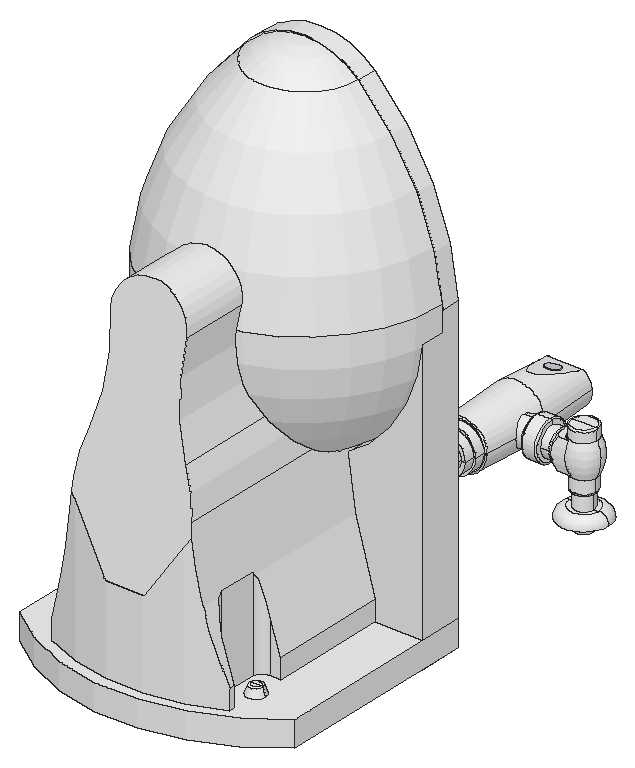
Revit family "11", category Plumbing Fixtures, host Face, Revit 2019
Family settings
  Host = Face
  Round Connector Dimension = Use Radius
  Part Type = Normal
  OmniClass Number = 23.45.05.21.11.11
  OmniClass Title = Water Operated Water Closets
  Cut with Voids When Loaded = No
  Shared = Yes
  Room Calculation Point = No
Parameters (values of type "2257528.020")
  Waste Connection Diameter = 4"
  Waste Connection = yes
  Warranty Information = "5-YEAR LIMITED WARRANTY on FIXTURE and FLUSH VALVE"
  WFU = 5
  Vent Connection = yes
  URL = "http://www.americanstandard-us.com/"
  Type Comments = ""
  Spud Radius = Inlet Spud Size / 2  # 3/4"
  Waste Connection Radius = Waste Connection Diameter / 2  # 2"
  Product Page URL = "https://www.americanstandard-us.com/Sensor-Flush-Valves/Afwall-Millennium-Wall-Hung-Toilet-System-With-Touchless-Selectronic-Piston-Flush-Valve-128-gpf-48-Lpf/WHITE-2257528020"
  Product Documentation Link = "https://americanstandard.box.com/shared/static/465b3j4vpxgo9roywflotkzf80ha2k4j.pdf"
  Power Supply = "Factory-Installed CR-P2 Lithium Battery"
  Operating Pressure = "25 psi (flowing) - 80 psi (static)"
  Material = "Vitreous China-American Standard-020-White"
  Installation Type = "Floor Mounted"
  Inlet Spud Size = 1 1/2"
  IAPMO Compliance = "Meets or Exceeds the Following Specifications: ASME A112.19.2-2008 / CSA B45.1-08 for Vitreous China Fixtures"
  HWFU = 0
  HW Connection = no
  Nominal Width = 14"  # constant formula
  Nominal Length = 26"  # constant formula
  Nominal Height = 13"  # constant formula
  Model = "2257528.020"
  Manufacturer = "American Standard"
  Supply Verticall Offset = 11 1/2"  # constant formula
  Supply Horizontal Offset = 4 3/4"  # constant formula
  Flush Rate = "1.1 gpf to 1.6 gpf (4.2 Lpf to 6.0 Lpf)"
  Flow Rate = "25gpm (94.6 L/min.)"
  Finish = Vitreous China-American Standard-020-White
  EPA WaterSense® Certified = yes
  Description = "Afwall® Millennium® Wall-Hung Toilet System With Touchless Selectronic® Piston Flush Valve, 1.28 gpf/4.8 Lpf"
  Default Elevation = 15"
  Cold Water Connection Width Constraint = if(Cold Water Connection Width > 5 1/4", 5 1/4", if(Cold Water Connection Width < 4 1/4", 4 1/4", Cold Water Connection Width))  # 4 1/4"
  Cold Water Connection Width = 4 1/4"
  Cold Water Connection Radius = Cold Water Connection Diameter / 2  # 1/2"
  Cold Water Connection Diameter = 1"
  CWFU = 5
  CW Connection = yes
  Bowl Shape = "Elongated"
  Assembly Code = "D2010110"
  ADA Compliant = yes
  6065.121 - Ultima™ Selectronic Touchless Toilet Flush Valve = yes
  5905.100 - Extra heavy duty open front less cover = no
  5901.100 - Heavy duty open front less cover = no
Reference planes (in)
  plane 1 "Center (Front/Back)": y = 0
  plane 2: z = 0
  plane 3 "Center (Left/Right)": x = 0
  plane 4: z = 26
  plane 5: z = 2.875
  plane 6: x = -6.98522
  plane 7: x = 7.01478
  plane 8: y = -13.13242
  plane 9: y = 11.5
  plane 10: x = 4.25
  plane 11: y = 1.07834
  plane 12: x = 0
  plane 13: y = -8.79528
  plane 14: y = -15
  plane 15: y = -9.75
  plane 16: y = -9.75
  plane 17: y = -9.75
  plane 18: x = 4.9151
  plane 19: x = 4.87463
  plane 20: x = 4.75
  plane 21: x = 3.5849
  plane 22: x = 3.62537
  plane 23: x = 3.75
  plane 24: x = 4.5
  plane 25: x = -4.5
  plane 26: x = -4.5
  plane 27: x = 4.5
  plane 28: x = -4.55145
  plane 29: x = 4.55145
  plane 30: z = 11.34245
  plane 31: x = -4.5
  plane 32: x = 4.5
  plane 33: y = -11.25
  plane 34: y = -8.25
  plane 35: x = -3.5
  plane 36: x = -5.5
  plane 37: x = 3.5
  plane 38: x = 5.5
Forms (in)
  Extrusion 1, solid, material "Vitreous China-American Standard-020-White" <- "Finish"
    sketch origin (0, 0, 0) x (1, 0, 0) y (0, 0, 1)
      loop
        line (-6.98351, 0) -> (7.01478, 0) -> (7.01478, 15.88238)
        arc (7.01478, 15.88238) -> (5.74451, 20.80905) -> (2.76286, 24.9316) r 13.68985
        arc (2.76286, 24.9316) -> (0, 26.03148) -> (-2.76286, 24.9316) r 4.02005
        arc (-2.76286, 24.9316) -> (-5.65979, 20.98604) -> (-6.98351, 16.27356) r 13.68985
        line (-6.98351, 16.27356) -> (-6.98351, 0)
      loop
        arc (1.20535, 24.10419) -> (0.63902, 24.41892) -> (0, 24.52584) r 1.90682
        arc (0, 24.52584) -> (-0.63902, 24.41892) -> (-1.20535, 24.10419) r 1.90682
        arc (-1.20535, 24.10419) -> (-2.93205, 22.37691) -> (-4.25, 20.32069) r 11.36909
        arc (-4.25, 20.32069) -> (-5.14132, 17.85427) -> (-5.44379, 15.24924) r 11.36909
        arc (-5.44379, 15.24924) -> (-3.84934, 11.3999) -> (0, 9.80545) r 5.44379
        arc (0, 9.80545) -> (3.84934, 11.3999) -> (5.44379, 15.24924) r 5.44379
        arc (5.44379, 15.24924) -> (5.14132, 17.85427) -> (4.25, 20.32069) r 11.36909
        arc (4.25, 20.32069) -> (2.93205, 22.37691) -> (1.20535, 24.10419) r 11.36909
    from 1 to 0
  Extrusion 2, solid, material "Vitreous China-American Standard-020-White" <- "Finish"
    sketch origin (0, -0.125, 0) x (1, 0, 0) y (0, 1, 0)
      loop
        circle (0, -8.67028) r 2
    from -0.25 to 0
  Revolve 3, solid, material "Vitreous China-American Standard-020-White" <- "Finish"
    sketch origin (-24.99864, -1, 0) x (1, 0, 0) y (0, 0, 1)
      loop
        arc (24.99864, 24.52584) -> (25.63766, 24.41892) -> (26.20399, 24.10419) r 1.90682
        arc (26.20399, 24.10419) -> (27.93069, 22.37691) -> (29.24864, 20.32069) r 11.36909
        arc (29.24864, 20.32069) -> (30.13996, 17.85427) -> (30.44243, 15.24924) r 11.36909
        arc (30.44243, 15.24924) -> (28.84798, 11.3999) -> (24.99864, 9.80545) r 5.44379
        line (24.99864, 9.80545) -> (24.99864, 7.51492)
        arc (24.99864, 7.51492) -> (30.25326, 10.39749) -> (31.99765, 16.13137) r 7.94282
        arc (31.99765, 16.13137) -> (30.65545, 20.92579) -> (27.69886, 24.9316) r 13.79629
        arc (27.69886, 24.9316) -> (26.45059, 25.72319) -> (24.99864, 26) r 3.9464
        line (24.99864, 26) -> (24.99864, 24.52584)
      axis (24.99864, 7.51492) -> (24.99864, 26)
    angle from 0 to -180
  Revolve 4, solid, material "Vitreous China-American Standard-020-White" <- "Finish"
    sketch origin (0, 0, 0) x (0, 1, 0) y (0, 0, 1)
      loop
        line (1.07834, 2.875) -> (0, 2.875) -> (0, 1.70414) -> (0.57834, 1.70414) -> (0.57834, 1.875) -> (0.82834, 1.875) -> (0.82834, 2.125) -> (1.07834, 2.125) -> (1.07834, 2.875)
      axis (1.07834, 2.875) -> (0, 2.875)
    angle from 0 to 360
  Extrusion 5, solid
    sketch origin (0, 0, 0) x (1, 0, 0) y (0, 1, 0)
      loop
        circle (4.25, 11.5) r 0.5
    from -0.52896 to 0
  Extrusion 6, solid, material "Vitreous China-American Standard-020-White" <- "Finish"
    sketch origin (0, 0, 0) x (1, 0, 0) y (0, 0, 1)
      loop
        line (-4.55145, 1.32255) -> (4.55145, 1.32255) -> (4.55145, 2.32255)
        arc (4.55145, 2.32255) -> (3.54118, 5.90199) -> (3.0041, 9.58229) r 28.59109
        arc (3.0041, 9.58229) -> (2.82138, 10.77302) -> (2.46868, 11.92489) r 8.32228
        arc (2.46868, 11.92489) -> (1.84575, 14.55003) -> (1.95419, 17.24588) r 9.90691
        arc (1.95419, 17.24588) -> (0, 19.20007) -> (-1.95419, 17.24588) r 1.95419
        arc (-1.95419, 17.24588) -> (-1.84575, 14.55003) -> (-2.46868, 11.92489) r 9.90691
        arc (-2.46868, 11.92489) -> (-2.82138, 10.77302) -> (-3.0041, 9.58229) r 8.32228
        arc (-3.0041, 9.58229) -> (-3.54118, 5.90199) -> (-4.55145, 2.32255) r 28.59109
        line (-4.55145, 2.32255) -> (-4.55145, 1.32255)
    from 1 to 13.13242
  Extrusion 7, void
    sketch origin (0, 0, 0) x (1, 0, 0) y (0, 1, 0)
      loop
        line (-6.11132, -10.48203) -> (-6.11132, -14.1671) -> (5.12847, -14.1671) -> (5.12847, -11.1671)
        arc (5.12847, -11.1671) -> (-0.59751, -12.56497) -> (-6.11132, -10.48203) r 9.96218
    from 0 to 18.98808
  Revolve 8, void
    sketch origin (0.00857, -1, 48) x (1, 0, 0) y (0, 0, 1)
      loop
        arc (-0.00857, -22.71852) -> (-1.21804, -22.95041) -> (-2.25598, -23.6132) r 3.27005
        arc (-2.25598, -23.6132) -> (-4.9942, -27.34261) -> (-6.2454, -31.79691) r 12.93985
        arc (-6.2454, -31.79691) -> (-4.63068, -36.5475) -> (-0.00857, -38.49983) r 6.12858
        line (-0.00857, -38.49983) -> (-0.00857, -22.71852)
      axis (-0.00857, -38.49983) -> (-0.00857, -22.71852)
    angle from 0 to 360
  Extrusion 9, solid, material "Vitreous China-American Standard-020-White" <- "Finish"
    sketch origin (0, 0, 0) x (1, 0, 0) y (0, 0, 1)
      loop
        arc (7.01478, 14.87874) -> (4.84051, 9.92691) -> (0, 7.51492) r 7.94282
        arc (0, 7.51492) -> (-4.71721, 9.80033) -> (-6.98351, 14.52674) r 7.94282
        line (-6.98351, 14.52674) -> (-6.98351, 0) -> (7.01478, 0) -> (7.01478, 14.87874)
    from 1 to 2.2305
  Extrusion 10, void
    sketch origin (0, 0, -0.75) x (1, 0, 0) y (0, 0, 1)
      loop
        line (3.44524, 12.09245) -> (-3.44524, 12.09245) -> (-2.74568, 3.47092)
        arc (-2.74568, 3.47092) -> (0, 0.875) -> (2.74568, 3.47092) r 2.75
        line (2.74568, 3.47092) -> (3.44524, 12.09245)
    from -1.84112 to 0.17343
  Extrusion 11, void
    sketch origin (0, 0, 0) x (0, 1, 0) y (0, 0, 1)
      loop
        line (-13.13242, 1.32255) -> (-10.5367, 20.5) -> (-13.92077, 20.5) -> (-13.92077, 1.32255) -> (-13.13242, 1.32255)
    from -7.90727 to 12
  Revolve 12, solid, material "Vitreous China-American Standard-020-White" <- "Finish"
    sketch origin (-0.13532, -9.75, 0) x (1, 0, 0) y (0, 0, 1)
      loop
        arc (-4.03876, 1.7048) -> (-4.06565, 1.73801) -> (-4.10652, 1.75051) r 0.07308
        line (-4.10652, 1.75051) -> (-4.36468, 1.75051) -> (-4.36468, 1.32255) -> (-3.88432, 1.32255) -> (-4.03876, 1.7048)
      axis (-4.36468, 1.75051) -> (-4.36468, 1.32255)
    angle from 0 to 360
  Extrusion 13, solid, material "Vitreous China-American Standard-020-White" <- "Finish"
    sketch origin (0, 0, 0) x (1, 0, 0) y (0, 1, 0)
      loop
        line (-6.98351, 0) -> (-6.98351, -10.46953)
        arc (-6.98351, -10.46953) -> (0.01804, -13.13242) -> (7.01478, -10.45692) r 10.51118
        line (7.01478, -10.45692) -> (7.01478, 0) -> (-6.98351, 0)
    from 0 to 1.32255
  Revolve 14, solid, material "Vitreous China-American Standard-020-White" <- "Finish"
    sketch origin (0.13532, -9.75, 0) x (-1, 0, 0) y (0, 0, -1)
      loop
        line (-4.03876, -1.7048) -> (-3.88432, -1.32255) -> (-4.36468, -1.32255) -> (-4.36468, -1.75051) -> (-4.10652, -1.75051)
        arc (-4.10652, -1.75051) -> (-4.06565, -1.73801) -> (-4.03876, -1.7048) r 0.07308
      axis (-4.36468, -1.75051) -> (-4.36468, -1.32255)
    angle from 0 to 360
  Extrusion 15, void
    sketch origin (0, 0, 0) x (1, 0, 0) y (0, 1, 0)
      loop
        line (-5.5, -8.25) -> (-5.5, -11.25) -> (-4, -11.25)
        arc (-4, -11.25) -> (-3.64645, -11.10355) -> (-3.5, -10.75) r 0.5
        line (-3.5, -10.75) -> (-3.5, -8.75)
        arc (-3.5, -8.75) -> (-3.64645, -8.39645) -> (-4, -8.25) r 0.5
        line (-4, -8.25) -> (-5.5, -8.25)
      loop
        arc (4, -8.25) -> (3.64645, -8.39645) -> (3.5, -8.75) r 0.5
        line (3.5, -8.75) -> (3.5, -10.75)
        arc (3.5, -10.75) -> (3.64645, -11.10355) -> (4, -11.25) r 0.5
        line (4, -11.25) -> (5.5, -11.25) -> (5.5, -8.25) -> (4, -8.25)
    from 1.27344 to 12
Cuts and joins
  Extrusion 10, Extrusion 15 cuts Extrusion 1
  Extrusion 10, Extrusion 15 cuts Extrusion 9
  joined: Extrusion 1, Extrusion 9, Revolve 12
  Extrusion 10, Extrusion 11, Extrusion 15 cuts Revolve 3
  Extrusion 10 cuts Extrusion 13
  Extrusion 7, Revolve 8, Extrusion 10, Extrusion 11, Extrusion 15 cuts Extrusion 6
Lines and regions (in)
  Masking region 1
    outline origin (0, 0, 0) x (1, 0, 0) y (0, 0, 1)
      loop
        arc (2.76286, 24.9316) -> (0, 26.03148) -> (-2.76286, 24.9316) r 4.02005
        arc (-2.76286, 24.9316) -> (-5.65979, 20.98604) -> (-6.98351, 16.27356) r 13.68985
        line (-6.98351, 16.27356) -> (-6.98351, 0) -> (7.01478, 0) -> (7.01478, 15.88238)
        arc (7.01478, 15.88238) -> (5.74451, 20.80905) -> (2.76286, 24.9316) r 13.68985
  symbolic lines, detail levels medium+fine
    curve 1: arc (3.55357, 0, 3.70698) -> (3.3729, 0, 2.86028) -> (3.59481, 0, 2.02344) r 1.86128
    curve 2: line (4.90758, 0, 2.02344) -> (3.59481, 0, 2.02344)
    curve 3: line (2.58101, 0, 3.81465) -> (2.58101, 0, 1.93535)
    curve 4: line (1.83101, 0, 1.93812) -> (1.83101, 0, 3.81188)
    curve 5: line (1.68535, 0, 2.14963) -> (1.68535, 0, 3.60037)
    curve 6: circle (0, 0, 2.875) r 1.4375 normal (0, -1, 0)
    curve 7: circle (0, 0, 2.875) r 1.23794 normal (0, 1, 0)
    curve 9: line (-1.34774, 0, 3.375) -> (-1.40967, 0, 3.375)
    curve 10: line (-1.40967, 0, 3.375) -> (-1.40967, 0, 3.43053)
    curve 11: line (-1.81838, 0, 3.41139) -> (-1.43336, 0, 3.45185)
    curve 12: line (-1.92645, 0, 3.29136) -> (-1.92645, 0, 2.45864)
    curve 13: arc (-1.40967, 0, 3.43053) -> (-1.41677, 0, 3.44646) -> (-1.43336, 0, 3.45185) r 0.02144
    curve 14: arc (-1.92645, 0, 3.29136) -> (-1.89545, 0, 3.37211) -> (-1.81838, 0, 3.41139) r 0.12069
    curve 15: line (-1.34774, 0, 2.375) -> (-1.40967, 0, 2.375)
    curve 16: line (-1.40967, 0, 2.375) -> (-1.40967, 0, 2.31947)
    curve 17: line (-1.81838, 0, 2.33861) -> (-1.43336, 0, 2.29815)
    curve 18: arc (-1.40967, 0, 2.31947) -> (-1.41677, 0, 2.30354) -> (-1.43336, 0, 2.29815) r 0.02144
    curve 19: arc (-1.92645, 0, 2.45864) -> (-1.89545, 0, 2.37789) -> (-1.81838, 0, 2.33861) r 0.12069
    curve 20: line (3.53243, 0, 3.66104) -> (3.1938, 0, 3.66104)
    curve 21: line (3.19168, 0, 2.09084) -> (3.56026, 0, 2.09084)
    curve 22: arc (3.1938, 0, 3.66104) -> (3.1098, 0, 3.61073) -> (3.0131, 0, 3.59527) r 0.25853
    curve 23: line (3.0131, 0, 3.59527) -> (2.58101, 0, 3.59527)
    curve 24: arc (3.19168, 0, 2.09084) -> (3.10846, 0, 2.13975) -> (3.0131, 0, 2.15473) r 0.25853
    curve 25: line (3.0131, 0, 2.15473) -> (2.58101, 0, 2.15473)
    curve 26: line (1.89474, 0, 3.87561) -> (2.52005, 0, 3.87561)
    curve 27: line (1.83101, 0, 3.53927) -> (1.68535, 0, 3.53927)
    curve 28: line (1.22648, 0, 3.62477) -> (1.66095, 0, 3.62477)
    curve 29: arc (2.52005, 0, 3.87561) -> (2.56315, 0, 3.85776) -> (2.58101, 0, 3.81465) r 0.06096
    curve 30: arc (1.83101, 0, 3.81188) -> (1.84967, 0, 3.85695) -> (1.89474, 0, 3.87561) r 0.06373
    curve 31: arc (1.68535, 0, 3.60037) -> (1.6782, 0, 3.61762) -> (1.66095, 0, 3.62477) r 0.0244
    curve 33: line (1.89474, 0, 1.87439) -> (2.52005, 0, 1.87439)
    curve 34: line (1.83101, 0, 2.21073) -> (1.7896, 0, 2.21073)
    curve 35: line (1.22648, 0, 2.12523) -> (1.66095, 0, 2.12523)
    curve 36: arc (2.52005, 0, 1.87439) -> (2.56315, 0, 1.89224) -> (2.58101, 0, 1.93535) r 0.06096
    curve 37: arc (1.83101, 0, 1.93812) -> (1.84967, 0, 1.89305) -> (1.89474, 0, 1.87439) r 0.06373
    curve 38: arc (1.68535, 0, 2.14963) -> (1.6782, 0, 2.13238) -> (1.66095, 0, 2.12523) r 0.0244
    curve 39: line (3.5849, 0, 3.70698) -> (3.5849, 0, 4.21171)
    curve 40: line (4.85263, 0, 4.27338) -> (3.64657, 0, 4.27338)
    curve 41: line (4.9151, 0, 3.70698) -> (4.9151, 0, 4.21091)
    curve 42: arc (4.9151, 0, 4.21091) -> (4.8968, 0, 4.25509) -> (4.85263, 0, 4.27338) r 0.06247
    curve 43: arc (3.64657, 0, 4.27338) -> (3.60296, 0, 4.25532) -> (3.5849, 0, 4.21171) r 0.06167
    curve 44: line (4.87463, 0, 1.27344) -> (3.62537, 0, 1.27344)
    curve 45: arc (4.94682, 0, 3.70698) -> (5.12528, 0, 2.86059) -> (4.90758, 0, 2.02344) r 1.88816
    curve 46: line (4.87463, 0, 2.02344) -> (4.87463, 0, 1.27344)
    curve 47: line (3.62537, 0, 2.02344) -> (3.62537, 0, 1.27344)
    curve 48: line (4.75, 0, 1.27344) -> (4.75, 0, 0.5)
    curve 49: line (3.75, 0, 1.27344) -> (3.75, 0, 0.5)
    curve 50: line (3.5, 0, 0.5) -> (5, 0, 0.5)
    curve 51: arc (5.5, 0, 0) -> (5.35355, 0, 0.35355) -> (5, 0, 0.5) r 0.5
    curve 52: arc (3, 0, 0) -> (3.14645, 0, 0.35355) -> (3.5, 0, 0.5) r 0.5
    curve 53: line (3.55357, 0, 3.70698) -> (4.94682, 0, 3.70698)
    curve 57: line (1.7896, 0, 2.21073) -> (1.68535, 0, 2.21073)
  symbolic lines, detail levels fine
    curve 8: arc (-0.8993, 0, 3.72573) -> (0, 0, 4.27344) -> (0.8993, 0, 3.72573) r 1.01216
    curve 32: circle (0, 0, 2.875) r 1.23794 normal (0, -1, 0)
    curve 54: line (-3.41848, 0, 11.01263) -> (-2.74568, 0, 2.72092)
    curve 55: arc (-2.74568, 0, 2.72092) -> (0, 0, 0.125) -> (2.74568, 0, 2.72092) r 2.75
    curve 56: line (2.74568, 0, 2.72092) -> (3.41848, 0, 11.01263)
  symbolic lines
    curve 58: arc (0, 0, 24.52584) -> (0.63902, 0, 24.41892) -> (1.20535, 0, 24.10419) r 1.90682
    curve 59: arc (-1.20535, 0, 24.10419) -> (-0.63902, 0, 24.41892) -> (0, 0, 24.52584) r 1.90682
    curve 60: arc (-4.25, 0, 20.32069) -> (-2.93205, 0, 22.37691) -> (-1.20535, 0, 24.10419) r 11.36909
    curve 61: arc (-5.44379, 0, 15.24924) -> (-5.14132, 0, 17.85427) -> (-4.25, 0, 20.32069) r 11.36909
    curve 62: arc (0, 0, 9.80545) -> (-3.84934, 0, 11.3999) -> (-5.44379, 0, 15.24924) r 5.44379
    curve 63: arc (5.44379, 0, 15.24924) -> (3.84934, 0, 11.3999) -> (0, 0, 9.80545) r 5.44379
    curve 64: arc (1.20535, 0, 24.10419) -> (2.93205, 0, 22.37691) -> (4.25, 0, 20.32069) r 11.36909
    curve 65: arc (4.25, 0, 20.32069) -> (5.14132, 0, 17.85427) -> (5.44379, 0, 15.24924) r 11.36909
Dimensions and locks (in)
  "Nominal Length": plane 4 to plane 2
  locked: plane 5 to plane 2 at 2.875
  plane 8 to plane 1 "Center (Front/Back)" = 13.13242"
  "Nominal Width": plane 7 to plane 6
  "Cold Water Connection Width Constraint": plane 3 "Center (Left/Right)" to plane 10
  Extrusion 2 to Extrusion 2 = 1/4"
  "Spud Radius": Revolve 4 sketch curve to plane 5
  plane 2 to Extrusion 2 = 1/4"
  locked: plane 13 to Extrusion 2 sketch curve at 0
  locked: plane 13 to plane 1 "Center (Front/Back)" at 8.79528
  locked: Extrusion 2 sketch curve to plane 3 "Center (Left/Right)" at 0
  plane 14 to plane 17 = 5 1/4"
  plane 6 to plane 7 = 14"
  plane 1 "Center (Front/Back)" to plane 9 = 11 1/2"
  locked: plane 10 to curve 22 at 1.22863
  plane 10 to curve 24 = 1.22863"
  curve 51 to plane 10 to curve 52 = 3/4" locked, 3/4" locked
  plane 20 to plane 10 to plane 23 = 1/2" locked, 1/2" locked
  plane 19 to plane 10 to plane 22 = 0.62463" locked, 0.62463" locked
  plane 18 to plane 10 to plane 21 = 0.6651" locked, 0.6651" locked
  curve 42 to plane 10 to curve 43 = 0.60263" locked, 0.60343" locked
  plane 3 "Center (Left/Right)" to plane 25 = 4 1/2"
  Extrusion 6 sketch curve to plane 3 "Center (Left/Right)" to Extrusion 6 sketch curve = 5.29168" locked, 5.29168" locked
  Extrusion 6 sketch curve to plane 3 "Center (Left/Right)" to Extrusion 6 sketch curve = 11.70667" locked, 11.70667" locked
  Extrusion 6 sketch curve to plane 3 "Center (Left/Right)" to Extrusion 6 sketch curve = 31.50415" locked, 31.50415" locked
  plane 28 to plane 3 "Center (Left/Right)" to plane 29 = 4.55145" locked, 4.55145" locked
  locked: plane 30 to plane 5 at 8.46745
  "Waste Connection Radius": radius of Extrusion 2 sketch curve
  locked: Extrusion 10 sketch curve to plane 5 (angle 85.3611°)
  locked: plane 5 to Extrusion 10 sketch curve (angle 85.3611°)
  aligned and locked: plane 2 to host face
  aligned and locked: level to host face
  aligned and locked: plane 11 to Revolve 4 sketch curve
  aligned and locked: plane 1 "Center (Front/Back)" to Revolve 4 sketch curve
  aligned and locked: Revolve 4 sketch curve to plane 5
  aligned and locked: level to Extrusion 2
  aligned and locked: Extrusion 1 to plane 1 "Center (Front/Back)"
  aligned and locked: plane 3 "Center (Left/Right)" to nested 1
  aligned and locked: plane 10 to Extrusion 5 sketch curve
  aligned and locked: plane 9 to Extrusion 5 sketch curve
  aligned and locked: curve 1 to nested 1
  aligned and locked: curve 2 to nested 1
  aligned and locked: nested 1 to curve 3
  aligned and locked: nested 1 to curve 4
  aligned and locked: nested 1 to curve 5
  aligned and locked: curve 6 to nested 1
  aligned and locked: curve 8 to nested 1
  aligned and locked: nested 1 to curve 12
  aligned and locked: nested 1 to curve 20
  aligned and locked: curve 21 to nested 1
  aligned and locked: nested 1 to curve 44
  aligned and locked: plane 18 to curve 41
  aligned and locked: curve 39 to plane 21
  aligned and locked: Masking region 1 sketch curve to cut or joined group of Extrusion 1, Extrusion 9, Extrusion 10, Revolve 12, Extrusion 15  (x4)
  aligned and locked: host face to Masking region 1 sketch curve
  aligned and locked: curve 55 to cut or joined group of Extrusion 1, Extrusion 9, Extrusion 10, Revolve 12, Extrusion 15
  aligned and locked: Extrusion 13 sketch curve to cut or joined group of Extrusion 1, Extrusion 9, Extrusion 10, Revolve 12, Extrusion 15
  aligned and locked: Revolve 12 sketch curve to plane 25  (x2)
  aligned and locked: Revolve 14 sketch curve to plane 27  (x2)
  aligned and locked: Extrusion 6 sketch curve to plane 28
  aligned and locked: plane 29 to Extrusion 6 sketch curve
  aligned and locked: plane 3 "Center (Left/Right)" to Extrusion 6 sketch curve
  aligned and locked: cut or joined group of Extrusion 1, Extrusion 9, Extrusion 10, Revolve 12, Extrusion 15 to cut or joined group of Extrusion 1, Extrusion 9, Extrusion 10, Revolve 12, Extrusion 15
  aligned and locked: plane 5 to Extrusion 10 sketch curve
  aligned and locked: plane 3 "Center (Left/Right)" to Extrusion 10 sketch curve
  aligned and locked: plane 30 to Extrusion 10 sketch curve
  aligned and locked: curve 54 to cut or joined group of Extrusion 1, Extrusion 9, Extrusion 10, Revolve 12, Extrusion 15
  aligned and locked: curve 56 to cut or joined group of Extrusion 1, Extrusion 9, Extrusion 10, Revolve 12, Extrusion 15
  aligned and locked: curve 58 to cut or joined group of Extrusion 1, Extrusion 9, Extrusion 10, Revolve 12, Extrusion 15
  aligned and locked: curve 59 to cut or joined group of Extrusion 1, Extrusion 9, Extrusion 10, Revolve 12, Extrusion 15
  aligned and locked: curve 60 to cut or joined group of Extrusion 1, Extrusion 9, Extrusion 10, Revolve 12, Extrusion 15
  aligned and locked: curve 61 to cut or joined group of Extrusion 1, Extrusion 9, Extrusion 10, Revolve 12, Extrusion 15
  aligned and locked: curve 62 to cut or joined group of Extrusion 1, Extrusion 9, Extrusion 10, Revolve 12, Extrusion 15
  aligned and locked: curve 63 to cut or joined group of Extrusion 1, Extrusion 9, Extrusion 10, Revolve 12, Extrusion 15
  aligned and locked: curve 64 to cut or joined group of Extrusion 1, Extrusion 9, Extrusion 10, Revolve 12, Extrusion 15
  aligned and locked: curve 65 to cut or joined group of Extrusion 1, Extrusion 9, Extrusion 10, Revolve 12, Extrusion 15
  aligned and locked: plane 34 to Extrusion 15 sketch curve  (x2)
  aligned and locked: Extrusion 15 sketch curve to plane 33  (x2)
  aligned and locked: plane 37 to Extrusion 15 sketch curve
  aligned and locked: Extrusion 15 sketch curve to plane 35
  aligned and locked: plane 36 to Extrusion 15 sketch curve
  aligned and locked: Extrusion 15 sketch curve to plane 38
  aligned and locked: Extrusion 6 to cut or joined group of Extrusion 1, Extrusion 9, Extrusion 10, Revolve 12, Extrusion 15
Automatic sketch dimensions
  host sketch curve to host sketch curve = 96"  (x2)
  Extrusion 1 sketch curve to level = 0"
  Extrusion 1 sketch curve to plane 3 "Center (Left/Right)" = 0"  (x3)
  Extrusion 1 sketch curve to plane 7 = 0"
  plane 6 to Extrusion 1 sketch curve = 0.33944"
  plane 6 to Extrusion 1 sketch curve = 0.0017"
  Extrusion 1 sketch curve to plane 7 = 0.36901"
  Extrusion 1 sketch curve to plane 4 = 11.01272"  (x2)
  Extrusion 1 sketch curve to Extrusion 1 sketch curve = 0.8951"
  Extrusion 1 sketch curve to Extrusion 1 sketch curve = 1.28628"
  Extrusion 1 sketch curve to plane 4 = 3.98857"
  Extrusion 1 sketch curve to Extrusion 1 sketch curve = 0"  (x12)
  Revolve 3 sketch curve to Revolve 3 sketch curve = 0"  (x4)
  Revolve 3 sketch curve to plane 3 "Center (Left/Right)" = 0"  (x3)
  Revolve 3 sketch curve to plane 10 = 0"
  Revolve 3 sketch curve to plane 4 = 0"
  Revolve 3 sketch curve to plane 3 "Center (Left/Right)" = 0.91056"
  plane 6 to Revolve 3 sketch curve = 1.05992"
  plane 6 to Revolve 3 sketch curve = 0.24569"
  plane 3 "Center (Left/Right)" to Revolve 3 sketch curve = 0.0094"
  Revolve 3 sketch curve to plane 4 = 1.47416"
  Revolve 3 sketch curve to Revolve 3 sketch curve = 1.9068"
  Revolve 3 sketch curve to Revolve 3 sketch curve = 0.56544"
  Revolve 3 sketch curve to Revolve 3 sketch curve = 6.64823"
  Revolve 3 sketch curve to Revolve 3 sketch curve = 0.15613"
  Revolve 3 sketch curve to Revolve 3 sketch curve = 97/256"
  Revolve 3 sketch curve to Revolve 3 sketch curve = 5.44379"
  Revolve 3 sketch curve to Revolve 3 sketch curve = 2.29053"
  Revolve 3 sketch curve to Revolve 3 sketch curve = 5"
  Revolve 3 sketch curve to Revolve 3 sketch curve = 12"
  plane 5 to Revolve 4 sketch curve = 0"
  plane 11 to Revolve 4 sketch curve = 1/2"
  plane 11 to Revolve 4 sketch curve = 1/4"
  Revolve 4 sketch curve to Revolve 4 sketch curve = 1/4"
  Revolve 4 sketch curve to Revolve 4 sketch curve = 0.17086"
  plane 1 "Center (Front/Back)" to Revolve 4 sketch curve = 0.42166"
  Revolve 4 sketch curve to plane 11 = 3/4"
  plane 6 to Extrusion 7 sketch curve = 0.87389"
  plane 3 "Center (Left/Right)" to Extrusion 7 sketch curve = 0.00857"
  Extrusion 7 sketch curve to plane 18 = 0.21337"
  Extrusion 7 sketch curve to plane 14 = 0.8329"
  plane 15 to Extrusion 7 sketch curve = 1.4171"
  plane 1 "Center (Front/Back)" to Extrusion 7 sketch curve = 2.62124"
  Extrusion 9 sketch curve to level = 0"
  Extrusion 9 sketch curve to plane 3 "Center (Left/Right)" = 0"
  Extrusion 9 sketch curve to plane 7 = 0"
  Extrusion 9 sketch curve to plane 3 "Center (Left/Right)" = 0.91056"
  plane 6 to Extrusion 9 sketch curve = 0.0017"
  plane 3 "Center (Left/Right)" to Extrusion 9 sketch curve = 0.91056"
  Extrusion 9 sketch curve to plane 4 = 11.47326"
  Extrusion 9 sketch curve to plane 4 = 11.12126"
  Extrusion 9 sketch curve to Extrusion 9 sketch curve = 0.87863"
  Extrusion 11 sketch curve to plane 8 = 0"
  plane 8 to Extrusion 11 sketch curve = 0.78835"
  plane 15 to Extrusion 11 sketch curve = 0.7867"
  level to Extrusion 11 sketch curve = 1.32255"
  Extrusion 11 sketch curve to plane 4 = 5 1/2"
  plane 25 to Revolve 12 sketch curve = 0.25816"
  Revolve 12 sketch curve to Revolve 12 sketch curve = 0.06776"
  Revolve 12 sketch curve to Revolve 12 sketch curve = 0.15444"
  level to Revolve 12 sketch curve = 1.32255"
  Revolve 12 sketch curve to Revolve 12 sketch curve = 0.35488"
  Revolve 12 sketch curve to Revolve 12 sketch curve = 0.02738"
  Revolve 12 sketch curve to Revolve 12 sketch curve = 0.1644"
  Revolve 12 sketch curve to Revolve 12 sketch curve = 13/128"
  plane 6 to Masking region 1 sketch curve = 0.33944"
  Masking region 1 sketch curve to Masking region 1 sketch curve = 1.28628"
  Masking region 1 sketch curve to Masking region 1 sketch curve = 0.8951"
  Extrusion 13 sketch curve to plane 7 = 0"
  plane 3 "Center (Left/Right)" to Extrusion 13 sketch curve = 0.00857"
  plane 6 to Extrusion 13 sketch curve = 0.0017"
  plane 1 "Center (Front/Back)" to Extrusion 13 sketch curve = 2.62124"
  plane 15 to Extrusion 13 sketch curve = 0.70692"
  plane 27 to Revolve 14 sketch curve = 0.25816"
  Revolve 14 sketch curve to Revolve 14 sketch curve = 0.06776"
  Revolve 14 sketch curve to Revolve 14 sketch curve = 0.15444"
  plane 5 to Revolve 14 sketch curve = 1.12449"
  Revolve 14 sketch curve to Revolve 14 sketch curve = 0.0457"
  Revolve 14 sketch curve to Revolve 14 sketch curve = 0.42796"
  Revolve 14 sketch curve to Revolve 14 sketch curve = 13/128"
  Revolve 14 sketch curve to Revolve 14 sketch curve = 0.1644"
  Extrusion 6 sketch curve to plane 5 = 8.98707"  (x2)
  Extrusion 6 sketch curve to plane 5 = 6.0437"  (x2)
  plane 5 to Extrusion 6 sketch curve = 0.55245"  (x2)
  Extrusion 6 sketch curve to Extrusion 6 sketch curve = 1"
  Extrusion 6 sketch curve to Extrusion 6 sketch curve = 6.58479"  (x2)
  Extrusion 6 sketch curve to Extrusion 6 sketch curve = 7.66359"
  Extrusion 6 sketch curve to Extrusion 6 sketch curve = 0"  (x3)
  Revolve 8 sketch curve to plane 3 "Center (Left/Right)" = 0"  (x2)
  Revolve 8 sketch curve to plane 3 "Center (Left/Right)" = 0.13537"
  Revolve 8 sketch curve to plane 7 = 0.36901"
  Revolve 8 sketch curve to Revolve 8 sketch curve = 0.63998"
  Revolve 8 sketch curve to plane 4 = 1.6132"
  Revolve 8 sketch curve to Revolve 8 sketch curve = 0"  (x2)
  plane 6 to Revolve 8 sketch curve = 0.74839"
  Revolve 8 sketch curve to plane 4 = 3/4"
  Revolve 8 sketch curve to Revolve 8 sketch curve = 0.03148"
  Revolve 8 sketch curve to plane 4 = 0.31679"
  Extrusion 1 sketch curve to plane 10 = 0"
  Extrusion 1 sketch curve to Extrusion 1 sketch curve = 0.4815"
  Extrusion 1 sketch curve to Extrusion 1 sketch curve = 0.72048"  (x2)
  Extrusion 1 sketch curve to plane 3 "Center (Left/Right)" = 0.0094"
  plane 3 "Center (Left/Right)" to Extrusion 1 sketch curve = 0.0094"
  Extrusion 1 sketch curve to Extrusion 1 sketch curve = 0.26196"
  Extrusion 1 sketch curve to Extrusion 1 sketch curve = 0.60761"
  plane 6 to Extrusion 1 sketch curve = 2.73522"
  plane 5 to Extrusion 10 sketch curve = 0.15408"  (x2)
  Extrusion 10 sketch curve to plane 3 "Center (Left/Right)" = 2.74568"
  curve 6 to curve 7 = 0"  (x2)
  curve 6 to curve 32 = 0"  (x2)
  curve 52 to level = 0"
  plane 22 to curve 47 = 0"
  plane 23 to curve 49 = 0"
  curve 64 to plane 10 = 0"
  curve 48 to plane 20 = 0"
  curve 44 to plane 19 = 0"
  curve 51 to level = 0"
  plane 5 to curve 17 = 0.53639"
  curve 12 to curve 17 = 0.10807"
  curve 11 to plane 5 = 0.53639"
  curve 12 to curve 11 = 0.10807"
  curve 17 to curve 19 = 0.01262"
  curve 14 to curve 14 = 0.01262"
  curve 11 to plane 5 = 0.57685"
  curve 14 to curve 11 = 0.38503"
  plane 5 to curve 17 = 0.57685"
  curve 17 to curve 17 = 0.38503"
  curve 18 to curve 18 = 0.00224"
  curve 11 to curve 13 = 0.00224"
  curve 13 to curve 10 = 0.02144"
  curve 18 to curve 15 = 0.02144"
  curve 38 to curve 5 = 0.0244"
  curve 31 to curve 5 = 0.0244"
  curve 57 to curve 57 = 0.10425"
  curve 4 to curve 33 = 0.06373"
  curve 4 to curve 26 = 0.06373"
  curve 36 to curve 3 = 0.06096"
  curve 26 to curve 3 = 0.06096"
  curve 25 to curve 24 = 0.00827"
  curve 23 to curve 22 = 0.00827"
  curve 24 to curve 21 = 0.17858"
  curve 22 to curve 20 = 0.1807"
  curve 45 to plane 5 = 0.02959"
  curve 45 to plane 21 = 0.34726"
  curve 53 to plane 21 = 0.03133"
  plane 18 to curve 2 = 0.00752"
  level to curve 50 = 1/2"
  curve 33 to curve 56 = 0.84653"
  curve 24 to curve 24 = 0.1945"
  plane 5 to curve 35 = 0.74977"
  curve 5 to curve 57 = 0.0611"
  curve 16 to curve 15 = 0.05553"
  curve 10 to curve 10 = 0.05553"
  curve 23 to curve 53 = 0.11171"
  curve 31 to plane 5 = 0.72537"
  curve 22 to curve 20 = 0.06577"
  curve 23 to curve 4 = 0.21661"
  curve 41 to curve 41 = 0.50393"
  plane 6 to curve 61 = 2.73522"
  curve 9 to curve 8 = 0.44844"
  curve 27 to curve 4 = 0.27261"
  plane 31 to Extrusion 15 sketch curve = 1/2"  (x2)
  Extrusion 15 sketch curve to plane 10 = 1/4"  (x2)
  radius of Extrusion 5 sketch curve = 1/2"
  radius of curve 32 = 1.23794"
Nested families (in)
  nested 1: "Flush_Valve-American_Standard-Selectronic-6065.1XX_Series" at (0, 0, 2.875) x (1, 0, 0) z (0, 1, 0), Cold Water Connection Width <- "Cold Water Connection Width", visible <- "6065.121 - Ultima™ Selectronic Touchless Toilet Flush Valve", type "6065.111.002"
    with Cold Water Connection Width Constraint 4 1/4", Cold Water Connection Width 4 1/4"
Connectors (in)
  piping at (0, -8.79528, 0), diameter 4, driven by "Waste Connection Radius", driven by "WFU"
    settings: on Extrusion 2, index 3, connector inside diameter 4", connector length 0", flow factor 0, pipe flow 0 GPM, pressure drop 0.00 psi, fitting loss kfactor 0, connector angle 0.00°, fixture units 5, engagement length 0", angle of deflection 0.00°, flow configuration 3, flow direction 2, fitting loss method 0, system type 16, joint type 0, gender type 0, connector reference index -1, connector utility 0, adjustable connector no, is connector primary yes, connector description "Waste Connection"
  piping at (4.25, 11.5, -0.52896), diameter 1
    settings: on Extrusion 5, index 4, connector inside diameter 1", connector length 0", flow factor 0, pipe flow 0 GPM, pressure drop 0.00 psi, fitting loss kfactor 0, connector angle 0.00°, fixture units 0, engagement length 0", angle of deflection 0.00°, flow configuration 0, flow direction 0, fitting loss method 0, system type 20, joint type 0, gender type 0, connector reference index -1, connector utility 0, adjustable connector no, is connector primary no, connector description ""
Definition of nested family "Flush_Valve-American_Standard-Selectronic-6065.1XX_Series"
  Parameters (values of type "6065.161.002")
    Width = 2 7/8"  # constant formula
    Waste Connection = no
    Warranty Information = "8-year CR-P2 lithium battery installed in valve"  # constant formula
    WFU = 5  # constant formula
    Vent Connection = no
    URL = "http://www.americanstandard-us.com/"
    Revised Date = "04/25/2022"  # constant formula
    Product Page URL = "https://www.americanstandard-us.com/Sensor-Flush-Valves/Ultima-Selectronic-Touchless-Toilet-Flush-Valve-Piston-Type-Battery-16-gpf-60-Lpf/CHROME-6065161002"
    Product Documentation Link = "https://americanstandard.box.com/shared/static/9eco60ivt28qvdoxsxepwvldnv3rz6v4.pdf"
    Price = "Prices may vary. Please consult Manufacturer Representative for most up-to-date price list."  # constant formula
    Operating Pressure = "25 psi (flowing) - 80 psi (static)"  # constant formula
    Model = "6065.161.002"
    Material = "Metal-American Standard-002-Polished Chrome"
    Manufacturer = "American Standard"
    Length Constraint = if(Length < 2 1/4", 2 1/4", Length)  # 2 7/8"
    Length = 2 7/8"
    Installation Type = "Exposed Toilet Mounted"  # constant formula
    Height = 16"  # constant formula
    HWFU = 0
    HW Connection = no
    Flush Rate = "1.6 Gpf (6.0 Lpf)"
    Flow Rate = "25 gpm (94.6 L/min.)"  # constant formula
    Finish = none
    Description = "American Standard Selectronic Sensor-Operated Toilet Flush Valve, 1.6 GPF  Battery Powered."
    Default Elevation = 0"
    Creation Date = "09/21/2016"  # constant formula
    Cold Water Connection Width Constraint [instance] = if(Cold Water Connection Width > 5 1/4", 5 1/4", if(Cold Water Connection Width < 4 1/4", 4 1/4", Cold Water Connection Width))  # 4 1/4"
    Cold Water Connection Width [instance] = 4 1/4"
    Cold Water Connection Radius = 1/2"
    Cold Water Connection Height = 11 1/2"
    Cold Water Connection Diameter = Cold Water Connection Radius * 2  # 1"
    CWFU = 5  # constant formula
    CW Connection = yes
    Battery Life = "4 years @ 4,000 cycles per month (192,000 cycles)"
    Assembly Code = "D2020300"
    ADA Compliant = yes
  Types (3): name | Product Page URL | Product Documentation Link | Model | Flush Rate | Description
    6065.111.002 | "https://www.americanstandard-us.com/Sensor-Flush-Valves/Ultima-Selectronic-Touchless-Toilet-Flush-Valve-Piston-Type-Battery-11-gpf-42-Lpf/CHROME-6065111002" | "https://americanstandard.box.com/shared/static/t8jutlxzfv3rdokf97ftiodaqopmqvc1.pdf" | "6065.111.002" | "1.1 Gpf (4.2 Lpf)" | "American Standard Selectronic Sensor-Operated Toilet Flush Valve, 1.1 GPF Battery Powered."
    6065.121.002 | "https://www.americanstandard-us.com/Sensor-Flush-Valves/Ultima-Selectronic-Touchless-Toilet-Flush-Valve-Piston-Type-Battery-128-gpf-48-Lpf/CHROME-6065121002" | "https://americanstandard.box.com/shared/static/t8jutlxzfv3rdokf97ftiodaqopmqvc1.pdf" | "6065.121.002" | "1.28 Gpf (4.8 Lpf)" | "American Standard Selectronic Sensor-Operated Toilet Flush Valve, 1.28 GPF Battery Powered."
    6065.161.002 | "https://www.americanstandard-us.com/Sensor-Flush-Valves/Ultima-Selectronic-Touchless-Toilet-Flush-Valve-Piston-Type-Battery-16-gpf-60-Lpf/CHROME-6065161002" | "https://americanstandard.box.com/shared/static/9eco60ivt28qvdoxsxepwvldnv3rz6v4.pdf" | "6065.161.002" | "1.6 Gpf (6.0 Lpf)" | "American Standard Selectronic Sensor-Operated Toilet Flush Valve, 1.6 GPF  Battery Powered."
  Reference planes (in)
    plane 1 "Center (Front/Back)": y = 0
    plane 2: z = 0
    plane 3 "Center (Left/Right)": x = 0
    plane 4: z = 16
    plane 5: z = 11.5
    plane 6: z = 1
    plane 7: z = 8.5
    plane 8: x = -0.75
    plane 9: z = 8
    plane 10: x = -1
    plane 11: z = 9
    plane 12: z = 12.5
    plane 13: x = -1.25
    plane 14: x = -1.4375
    plane 15: x = -1.4375
    plane 16: x = 1.4375
    plane 17: y = 0
    plane 18: z = 10.5
    plane 19: x = -1.92645
    plane 20: y = 2.875
    plane 21: x = 5.625
    plane 22: x = 4.25
    plane 23: x = -1.125
    plane 24: x = 6
    plane 25: x = -0.75
    plane 26: y = 1.60156
    plane 27: y = 2.375
    plane 28: x = 4.75
    plane 29: x = 2.58101
    plane 30: x = 1.83101
    plane 31: x = 1.68535
    plane 32: z = 16.03747
    plane 33: y = -1.44822
    plane 34: y = 1.50643
  Forms (in)
    Revolve 1, solid, material <- "Finish"
      sketch origin (0, 0, 0) x (1, 0, 0) y (0, 0, 1)
        loop
          line (0, 0) -> (0, 16) -> (-1.16397, 16)
          arc (-1.16397, 16) -> (-1.20697, 15.98286) -> (-1.22638, 15.94084) r 0.0625
          line (-1.22638, 15.94084) -> (-1.4375, 12.5) -> (-1.25317, 9.05916)
          arc (-1.25317, 9.05916) -> (-1.23375, 9.01714) -> (-1.19076, 9) r 0.0625
          line (-1.19076, 9) -> (-1.12508, 9) -> (-1.12508, 8.5) -> (-1, 8.5) -> (-1, 8) -> (-0.75, 8) -> (-0.75, 1.25) -> (-0.9375, 1.25) -> (-0.9375, 1) -> (-1.3125, 1)
          arc (-1.3125, 1) -> (-1.40089, 0.96339) -> (-1.4375, 0.875) r 0.125
          line (-1.4375, 0.875) -> (-1.4375, 0) -> (0, 0)
        axis (0, 0) -> (0, 16)
      angle from 0 to 360
    Revolve 2, solid, material <- "Finish"
      sketch origin (0, 12.25, 11.5) x (0, -1, 0) y (1, 0, 0)
        loop
          line (11.5, 0) -> (12.25, 0) -> (12.25, 2.58101) -> (11.62193, 2.58101) -> (11.3125, 2.58101)
          arc (11.3125, 2.58101) -> (11.26831, 2.5627) -> (11.25, 2.51851) r 0.0625
          line (11.25, 2.51851) -> (11.25, 1.89351)
          arc (11.25, 1.89351) -> (11.26831, 1.84931) -> (11.3125, 1.83101) r 0.0625
          line (11.3125, 1.83101) -> (11.58594, 1.83101) -> (11.58594, 1.68535) -> (11.52499, 1.68535)
          arc (11.52499, 1.68535) -> (11.50732, 1.67803) -> (11.5, 1.66035) r 0.02499
          line (11.5, 1.66035) -> (11.5, 0)
        axis (12.25, 0) -> (12.25, 2.58101)
      angle from 0 to 360
    Extrusion 3, void
      sketch origin (0, 0, 0) x (0, 1, 0) y (0, 0, 1)
        loop
          line (1.50643, 16.03747) -> (-1.44822, 16.03747) -> (-1.44822, 13.02632) -> (-0.85456, 15.58044)
          arc (-0.85456, 15.58044) -> (-0.83701, 15.61309) -> (-0.80406, 15.63007) r 0.0625
          line (-0.80406, 15.63007) -> (1.50643, 16.03747)
      from -1.4375 to 1.4375
    Revolve 4, solid, material <- "Finish"
      sketch origin (0, 0, -1.5) x (1, 0, 0) y (0, 0, 1)
        loop
          line (-1.92645, 11.5) -> (-1.1154, 11.5) -> (-1.1154, 12) -> (-1.41083, 12) -> (-1.41083, 12.05386)
          arc (-1.41083, 12.05386) -> (-1.4181, 12.07022) -> (-1.43512, 12.07579) r 0.02205
          line (-1.43512, 12.07579) -> (-1.81417, 12.03704)
          arc (-1.81417, 12.03704) -> (-1.89423, 11.99646) -> (-1.92645, 11.91269) r 0.125
          line (-1.92645, 11.91269) -> (-1.92645, 11.5)
        axis (-1.92645, 11.5) -> (-1.1154, 11.5)
      angle from 0 to 360
    Revolve 5, solid, material <- "Finish"
      sketch origin (16.25, 0.10156, 11.5) x (0, 1, 0) y (-1, 0, 0)
        loop
          line (1.5, 12) -> (-1.5, 12) -> (-1.5, 11.3974)
          arc (-1.5, 11.3974) -> (-1.48169, 11.35321) -> (-1.4375, 11.3349) r 0.0625
          line (-1.4375, 11.3349) -> (-0.93354, 11.3349) -> (-0.93354, 11.30318)
          arc (-0.93354, 11.30318) -> (-0.08717, 11.12528) -> (0.75, 11.34242) r 1.89296
          line (0.75, 11.34242) -> (0.75, 11.375) -> (1.4375, 11.375)
          arc (1.4375, 11.375) -> (1.48169, 11.39331) -> (1.5, 11.4375) r 0.0625
          line (1.5, 11.4375) -> (1.5, 12)
        axis (-1.5, 12) -> (1.5, 12)
      angle from 0 to 360
    Extrusion 6, solid
      sketch origin (0, -1.50864, 12.76634) x (0, 0.226398, 0.974035) y (-1, 0, 0)
        loop
          circle (2.09456, 0) r 0.375
      from -0.01396 to 0.00768
    Extrusion 7, solid, material <- "Finish"
      sketch origin (-0.13214, -0.0035, 8.67627) x (0, 1, 0) y (0, 0, 1)
        loop
          arc (0.78766, 3.49636) -> (0.0028, 3.64371) -> (-0.78254, 3.49897) r 2.18333
          line (-0.78254, 3.49897) -> (-0.78254, 2.14972)
          arc (-0.78254, 2.14972) -> (0.0028, 2.00499) -> (0.78766, 2.15234) r 2.18333
          line (0.78766, 2.15234) -> (0.78766, 3.49636)
      from 2.71315 to 4.38214
    Revolve 8, void
      sketch origin (-0.13214, 0, 11.42976) x (1, 0, 0) y (0, 0, -1)
        loop
          arc (3.15531, 0.64851) -> (3.2556, 0.66951) -> (3.33905, 0.72899) r 0.25
          line (3.33905, 0.72899) -> (3.80459, 1.14102) -> (3.80459, 1.17308) -> (2.71315, 1.17308) -> (2.71315, 0.64851) -> (3.15531, 0.64851)
        axis (2.71315, -0.07024) -> (3.80459, -0.07024)
      angle from 0 to 360
    Revolve 9, solid, material <- "Finish"
      sketch origin (16.25, 0, 11.5) x (0, 1, 0) y (-1, 0, 0)
        loop
          line (2.875, 10.75) -> (2.875, 12) -> (1.60156, 12) -> (1.60156, 11.5) -> (2.375, 11.5) -> (2.375, 11.25)
          arc (2.375, 11.25) -> (2.52145, 10.89645) -> (2.875, 10.75) r 0.5
        axis (2.875, 12) -> (1.60156, 12)
      angle from 0 to 360
  Cuts and joins
    Extrusion 3, Revolve 8 cuts Revolve 1
    Revolve 8 cuts Revolve 4
    Revolve 8 cuts Extrusion 7
    joined: Revolve 1, Revolve 2, Revolve 4, Revolve 5, Extrusion 7, Revolve 9
  Lines and regions (in)
    Masking region 1
      outline origin (0, 0, 0) x (1, 0, 0) y (0, 1, 0)
        loop
          line (-1.34774, 0.5) -> (-1.41083, 0.5) -> (-1.41083, 0.55386)
          arc (-1.41083, 0.55386) -> (-1.4181, 0.57022) -> (-1.43512, 0.57579) r 0.02205
          line (-1.43512, 0.57579) -> (-1.81424, 0.53703)
          arc (-1.81424, 0.53703) -> (-1.89426, 0.49647) -> (-1.92647, 0.41274) r 0.12493
          line (-1.92647, 0.41274) -> (-1.92647, -0.41274)
          arc (-1.92647, -0.41274) -> (-1.89426, -0.49647) -> (-1.81424, -0.53703) r 0.12493
          line (-1.81424, -0.53703) -> (-1.43512, -0.57579)
          arc (-1.43512, -0.57579) -> (-1.4181, -0.57022) -> (-1.41083, -0.55386) r 0.02205
          line (-1.41083, -0.55386) -> (-1.41083, -0.5) -> (-1.34774, -0.5)
          arc (-1.34774, -0.5) -> (-0.13882, -1.43078) -> (1.22648, -0.74977) r 1.4375
          line (1.22648, -0.74977) -> (1.66075, -0.74977)
          arc (1.66075, -0.74977) -> (1.67814, -0.74256) -> (1.68535, -0.72517) r 0.0246
          line (1.68535, -0.72517) -> (1.68535, -0.66427) -> (1.83101, -0.66427) -> (1.83101, -0.93804)
          arc (1.83101, -0.93804) -> (1.8493, -0.98221) -> (1.89348, -1.0005) r 0.06247
          line (1.89348, -1.0005) -> (2.51828, -1.0005)
          arc (2.51828, -1.0005) -> (2.56263, -0.98213) -> (2.58101, -0.93777) r 0.06273
          line (2.58101, -0.93777) -> (2.58101, -0.71699) -> (3.10829, -0.71699)
          arc (3.10829, -0.71699) -> (3.19967, -0.73683) -> (3.27919, -0.78604) r 0.27615
          line (3.27919, -0.78604) -> (3.53368, -0.78604) -> (3.55318, -0.83198) -> (3.5849, -0.83198) -> (3.5849, -1.33521)
          arc (3.5849, -1.33521) -> (3.60342, -1.37992) -> (3.64813, -1.39844) r 0.06323
          line (3.64813, -1.39844) -> (4.85187, -1.39844)
          arc (4.85187, -1.39844) -> (4.89658, -1.37992) -> (4.9151, -1.33521) r 0.06323
          line (4.9151, -1.33521) -> (4.9151, -0.83198) -> (4.94682, -0.83198)
          arc (4.94682, -0.83198) -> (5.12547, 0.01441) -> (4.90758, 0.85156) r 1.88651
          line (4.90758, 0.85156) -> (4.875, 0.85156) -> (4.875, 1.60156) -> (4.75, 1.60156) -> (4.75, 2.375) -> (5, 2.375)
          arc (5, 2.375) -> (5.35355, 2.52145) -> (5.5, 2.875) r 0.5
          line (5.5, 2.875) -> (3, 2.875)
          arc (3, 2.875) -> (3.14645, 2.52145) -> (3.5, 2.375) r 0.5
          line (3.5, 2.375) -> (3.75, 2.375) -> (3.75, 1.60156) -> (3.68972, 1.60156)
          arc (3.68972, 1.60156) -> (3.64396, 1.58261) -> (3.625, 1.53684) r 0.06472
          line (3.625, 1.53684) -> (3.625, 0.85156) -> (3.59242, 0.85156) -> (3.56026, 0.78416) -> (3.27716, 0.78416)
          arc (3.27716, 0.78416) -> (3.2185, 0.74303) -> (3.14997, 0.72212) r 0.22813
          line (3.14997, 0.72212) -> (2.58101, 0.72212) -> (2.58101, 0.93777)
          arc (2.58101, 0.93777) -> (2.56263, 0.98213) -> (2.51828, 1.0005) r 0.06273
          line (2.51828, 1.0005) -> (1.89348, 1.0005)
          arc (1.89348, 1.0005) -> (1.8493, 0.98221) -> (1.83101, 0.93804) r 0.06247
          line (1.83101, 0.93804) -> (1.83101, 0.66416) -> (1.68535, 0.66416) -> (1.68535, 0.72499)
          arc (1.68535, 0.72499) -> (1.67802, 0.74268) -> (1.66034, 0.75) r 0.02501
          line (1.66034, 0.75) -> (1.22634, 0.75)
          arc (1.22634, 0.75) -> (-0.13896, 1.43077) -> (-1.34774, 0.5) r 1.4375
    symbolic lines, detail levels medium+fine
      curve 1: line (1.68535, 0.6875, 0) -> (1.68535, -0.6875, 0)
      curve 2: arc (-1.34774, -0.5, 0) -> (-1.4375, 0, 0) -> (-1.34774, 0.5, 0) r 1.4375
      curve 3: arc (1.22592, 0.75069, 0) -> (1.4375, 0.00054, 0) -> (1.22648, -0.74977, 0) r 1.4375
      curve 4: circle (0, 0, 0) r 1.23794 normal (0, 0, 1)
      curve 7: line (1.83101, 0.66406, 0) -> (1.83101, -0.66427, 0)
      curve 8: line (2.58101, 0.72212, 0) -> (2.58101, -0.71699, 0)
      curve 9: line (4.75, 1.60156, 0) -> (3.75, 1.60156, 0)
      curve 10: line (4.75, 2.375, 0) -> (3.75, 2.375, 0)
      curve 11: line (3.20691, -0.73988, 0) -> (3.20691, 0.73778, 0)
      curve 12: line (4.94682, -0.83198, 0) -> (3.55357, -0.83198, 0)
      curve 13: line (4.90758, 0.85156, 0) -> (3.59481, 0.85156, 0)
    symbolic lines, detail levels fine
      curve 5: arc (-0.8993, -0.85073, 0) -> (0, -1.39844, 0) -> (0.8993, -0.85073, 0) r 1.01216
      curve 6: spline (-0.36534, -1.02265, 0) -> (-0.35289, -1.00181, 0) -> (-0.31639, -0.9824, 0) -> (-0.25833, -0.96573, 0) -> (-0.18267, -0.95293, 0) -> (-0.09456, -0.94489, 0) -> (0, -0.94215, 0) -> (0.09456, -0.94489, 0) -> (0.18267, -0.95293, 0) -> (0.25833, -0.96573, 0) -> (0.31639, -0.9824, 0) -> (0.35289, -1.00181, 0) -> (0.36534, -1.02265, 0) -> (0.35289, -1.04349, 0) -> (0.31639, -1.0629, 0) -> (0.25833, -1.07957, 0) -> (0.18267, -1.09237, 0) -> (0.09456, -1.10041, 0) -> (0, -1.10315, 0) -> (-0.09456, -1.10041, 0) -> (-0.18267, -1.09237, 0) -> (-0.25833, -1.07957, 0) -> (-0.31639, -1.0629, 0) -> (-0.35289, -1.04349, 0) -> (-0.36534, -1.02265, 0)
      curve 14: arc (3.55357, -0.83198, 0) -> (3.3729, 0.01472, 0) -> (3.59481, 0.85156, 0) r 1.86128
  Dimensions and locks (in)
    plane 11 to level = 9"
    "Width": plane 16 to plane 15
    "Height": plane 4 to level
    "Cold Water Connection Height": plane 5 to level
    plane 4 to plane 5 = 4 1/2"  (x2)
    locked: Revolve 5 sketch curve to Revolve 5 sketch curve at 0.75
    locked: Revolve 5 sketch curve to Revolve 5 sketch curve at 1.68354
    locked: Revolve 5 sketch curve to Revolve 5 sketch curve at 0.56646
    "Length Constraint": plane 1 "Center (Front/Back)" to plane 20
    locked: Revolve 5 sketch curve to plane 1 "Center (Front/Back)" at 1.39844
    locked: Revolve 5 sketch curve to Revolve 5 sketch curve at 0.87523
    locked: Revolve 5 sketch curve to Revolve 5 sketch curve at 0.625
    locked: plane 22 to Revolve 5 sketch curve at 0.6651
    locked: plane 3 "Center (Left/Right)" to Masking region 1 sketch curve at 1.68535
    locked: Masking region 1 sketch curve to Masking region 1 sketch curve at 1.25
    locked: Masking region 1 sketch curve to Masking region 1 sketch curve at 1
    locked: Masking region 1 sketch curve to Masking region 1 sketch curve at 1.68354
    Masking region 1 sketch curve to Masking region 1 sketch curve to Masking region 1 sketch curve to Masking region 1 sketch curve = 3/4" locked, 1 1/256" locked, 1.3302" locked
    locked: Masking region 1 sketch curve to Masking region 1 sketch curve at 0.75
    "Cold Water Connection Width Constraint": plane 3 "Center (Left/Right)" to plane 22
    locked: plane 20 to plane 27 at 0.5
    locked: plane 26 to plane 1 "Center (Front/Back)" at 1.60156
    locked: plane 22 to plane 28 at 0.5
    locked: plane 30 to plane 29 at 0.75
    locked: plane 3 "Center (Left/Right)" to plane 31 at 1.68535
    locked: plane 29 to plane 22 at 1.66899
    locked: plane 1 "Center (Front/Back)" to plane 33 at 1.44822
    locked: plane 4 to plane 32 at 0.03747
    locked: plane 34 to plane 1 "Center (Front/Back)" at 1.50643
    aligned and locked: plane 20 to cut or joined group of Revolve 1, Revolve 2, Extrusion 3, Revolve 4, Revolve 5, Extrusion 7, Revolve 8, Revolve 9
    aligned and locked: Revolve 5 sketch curve to plane 22
    aligned and locked: Revolve 9 sketch curve to plane 22
    aligned and locked: Extrusion 7 to Revolve 8
    aligned and locked: plane 22 to Extrusion 7
    aligned and locked: Masking region 1 sketch curve to Masking region 1 sketch curve  (x2)
    aligned and locked: plane 20 to Revolve 9 sketch curve
    aligned and locked: plane 27 to Revolve 9 sketch curve
    aligned and locked: plane 26 to Revolve 9 sketch curve
    aligned and locked: plane 28 to Revolve 9 sketch curve
    aligned and locked: plane 29 to cut or joined group of Revolve 1, Revolve 2, Extrusion 3, Revolve 4, Revolve 5, Extrusion 7, Revolve 8, Revolve 9
    aligned and locked: Revolve 2 sketch curve to plane 30
    aligned and locked: Revolve 2 sketch curve to plane 31
    aligned and locked: cut or joined group of Revolve 1, Revolve 2, Extrusion 3, Revolve 4, Revolve 5, Extrusion 7, Revolve 8, Revolve 9 to curve 7
    aligned and locked: cut or joined group of Revolve 1, Revolve 2, Extrusion 3, Revolve 4, Revolve 5, Extrusion 7, Revolve 8, Revolve 9 to curve 8
    aligned and locked: cut or joined group of Revolve 1, Revolve 2, Extrusion 3, Revolve 4, Revolve 5, Extrusion 7, Revolve 8, Revolve 9 to curve 10
    aligned and locked: curve 11 to cut or joined group of Revolve 1, Revolve 2, Extrusion 3, Revolve 4, Revolve 5, Extrusion 7, Revolve 8, Revolve 9
    aligned and locked: Masking region 1 to cut or joined group of Revolve 1, Revolve 2, Extrusion 3, Revolve 4, Revolve 5, Extrusion 7, Revolve 8, Revolve 9
    aligned and locked: cut or joined group of Revolve 1, Revolve 2, Extrusion 3, Revolve 4, Revolve 5, Extrusion 7, Revolve 8, Revolve 9 to Masking region 1  (x2)
    aligned and locked: cut or joined group of Revolve 1, Revolve 2, Extrusion 3, Revolve 4, Revolve 5, Extrusion 7, Revolve 8, Revolve 9 to cut or joined group of Revolve 1, Revolve 2, Extrusion 3, Revolve 4, Revolve 5, Extrusion 7, Revolve 8, Revolve 9
    aligned and locked: Masking region 1 sketch curve to cut or joined group of Revolve 1, Revolve 2, Extrusion 3, Revolve 4, Revolve 5, Extrusion 7, Revolve 8, Revolve 9
    aligned and locked: Masking region 1 to curve 9
    aligned and locked: plane 32 to Extrusion 3 sketch curve
    aligned and locked: plane 33 to Extrusion 3 sketch curve
    aligned and locked: plane 34 to Extrusion 3 sketch curve
  Automatic sketch dimensions
    Revolve 1 sketch curve to plane 12 = 0"
    plane 14 to Revolve 1 sketch curve = 0"  (x2)
    Revolve 1 sketch curve to level = 0"
    Revolve 1 sketch curve to plane 6 = 0"
    Revolve 1 sketch curve to plane 11 = 0"
    Revolve 1 sketch curve to plane 4 = 0"
    Revolve 1 sketch curve to plane 7 = 0"
    Revolve 1 sketch curve to plane 9 = 0"
    plane 10 to Revolve 1 sketch curve = 0"
    Revolve 1 sketch curve to plane 8 = 0"
    Revolve 1 sketch curve to plane 3 "Center (Left/Right)" = 0"  (x2)
    plane 13 to Revolve 1 sketch curve = 1/16"
    plane 13 to Revolve 1 sketch curve = 0.00317"
    Revolve 1 sketch curve to plane 13 = 0.02362"
    Revolve 1 sketch curve to plane 13 = 0.05924"
    plane 23 to Revolve 1 sketch curve = 0.03897"
    plane 23 to Revolve 1 sketch curve = 0.00008"
    Revolve 1 sketch curve to plane 10 = 1/16"
    Revolve 1 sketch curve to Revolve 1 sketch curve = 1/4"
    plane 11 to Revolve 1 sketch curve = 0.05916"
    Revolve 1 sketch curve to Revolve 1 sketch curve = 1/16"
    plane 6 to Revolve 1 sketch curve = 7/8"
    Revolve 1 sketch curve to plane 9 = 1 1/8"
    Extrusion 3 sketch curve to plane 4 = 0.41956"
    Extrusion 3 sketch curve to Extrusion 3 sketch curve = 0.59366"
    Extrusion 3 sketch curve to plane 4 = 0.36993"
    Extrusion 3 sketch curve to Extrusion 3 sketch curve = 0.0505"
    Extrusion 3 sketch curve to Extrusion 3 sketch curve = 0.06135"
    plane 5 to Extrusion 3 sketch curve = 1.52632"
    plane 19 to Revolve 4 sketch curve = 0"
    Revolve 4 sketch curve to plane 18 = 0"
    plane 18 to Revolve 4 sketch curve = 0.03704"
    Revolve 4 sketch curve to plane 19 = 0.11229"
    Revolve 4 sketch curve to plane 18 = 0.08731"
    plane 15 to Revolve 4 sketch curve = 0.00238"
    plane 15 to Revolve 4 sketch curve = 0.00463"
    plane 15 to Revolve 4 sketch curve = 0.02667"
    Revolve 4 sketch curve to plane 23 = 0.0096"
    Revolve 4 sketch curve to Revolve 4 sketch curve = 0.41269"
    plane 18 to Revolve 4 sketch curve = 0.05386"
    plane 19 to Revolve 4 sketch curve = 0.19568"
    Revolve 4 sketch curve to Revolve 4 sketch curve = 0.06623"
    Revolve 4 sketch curve to Revolve 4 sketch curve = 0"
    Extrusion 6 sketch curve to Extrusion 3 = 0.79456"
    Extrusion 3 to Extrusion 6 sketch curve = 1 7/16"
    Revolve 8 sketch curve to plane 5 = 0"
    plane 16 to Revolve 8 sketch curve = 1.14351"
    Revolve 8 sketch curve to Revolve 8 sketch curve = 0.44216"
    Revolve 8 sketch curve to Revolve 8 sketch curve = 0.18374"
    Revolve 8 sketch curve to plane 22 = 0.57755"
    Revolve 8 sketch curve to plane 5 = 23/32"
    Revolve 8 sketch curve to Revolve 8 sketch curve = 0.08048"
    Revolve 8 sketch curve to Revolve 8 sketch curve = 0.41204"
    Revolve 8 sketch curve to Revolve 8 sketch curve = 0.52457"
    Revolve 8 sketch curve to Revolve 8 sketch curve = 0.13279"
    Revolve 8 sketch curve to Revolve 8 sketch curve = 0.07183"
    Revolve 5 sketch curve to plane 22 = 0"
    Revolve 5 sketch curve to Revolve 5 sketch curve = 1/16"  (x2)
    plane 1 "Center (Front/Back)" to Revolve 5 sketch curve = 0.02971"
    Revolve 5 sketch curve to Revolve 5 sketch curve = 0.03172"
    plane 1 "Center (Front/Back)" to Revolve 5 sketch curve = 0.25029"
    Revolve 5 sketch curve to plane 1 "Center (Front/Back)" = 13/128"
    Revolve 9 sketch curve to Revolve 9 sketch curve = 0.3138"
    Revolve 9 sketch curve to Revolve 9 sketch curve = 0.31452"
    plane 1 "Center (Front/Back)" to Extrusion 7 sketch curve = 0.78604"
    plane 1 "Center (Front/Back)" to Extrusion 7 sketch curve = 0.00433"  (x2)
    Extrusion 7 sketch curve to plane 1 "Center (Front/Back)" = 0.78416"
    plane 11 to Extrusion 7 sketch curve = 1.13665"
    Extrusion 7 sketch curve to plane 5 = 0.67402"
    Extrusion 7 sketch curve to Extrusion 7 sketch curve = 0.69196"
    plane 5 to Extrusion 7 sketch curve = 0.67262"
    Masking region 1 sketch curve to Masking region 1 sketch curve = 0"  (x2)
